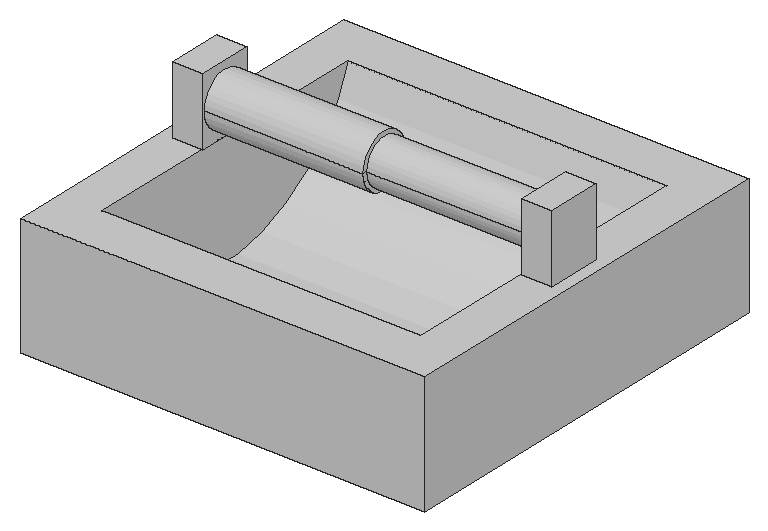
Revit family "ToiletPaperDispenser_Metlam_Single_SurfaceMounted", category Generic Models, host Face, Revit 2013
Parameters (values of type "Metlam Single Surface Mounted - no Hood / Satin")
  Width = 161 mm
  URL = "http://www.metlam.com.au/products/washroom/123"
  StyleOrType_ANZRS = "Sanitary Ware"
  Product Code = "ML 260 SM"
  ModifiedIssue_ANZRS = 130318.01
  Model = "Single Surface Mounted - no Hood / Satin"
  Material Main = Stainless Steel, Satin
  Material Minor = PC/ABS Plastic
  Manufacturer = "Metlam"
  Keywords = "CAPACITY Dispenses one 1500 sheet roll"
  Hood = no
  Height = 161 mm
  FilterObject_ANZRS = "Toilet Paper Dispenser"
  Description = "Stainless Steel Toilet Paper Dispenser"
  Depth = 75 mm
  Default Elevation = 1219.2 mm
  CreatedBy_ANZRS = "RubySketch"
  CreatedByURL_ANZRS = "http://www.rubysketch.com/"
  CreatedByPhoneNo_ANZRS = "1300 844 728"
  Assembly Code = "E1090900"
Types (5, lengths in mm): name | Product Code | Model | Material Main | Hood
  (no name) | "ML 260 SM" | "Single Surface Mounted - no Hood / Satin" | Stainless Steel, Satin | no
  Metlam Single Surface Mounted - no Hood / Satin | "ML 260 SM" | "Single Surface Mounted - no Hood / Satin" | Stainless Steel, Satin | no
  Metlam Single Surface Mounted - no Hood / Bright | "ML 260 SMB" | "Single Surface Mounted - no Hood / Bright" | Stainless Steel, Polished | no
  Metlam Single Surface Mounted - Hood / Satin | "ML 261 SMS" | "Single Surface Mounted - Hood / Satin" | Stainless Steel, Satin | yes
  Metlam Single Surface Mounted - Hood / Bright | "ML 261 SMB" | "Single Surface Mounted - Hood / Bright" | Stainless Steel, Polished | yes
Reference planes
  plane 1 "Center (Front/Back)": y = 0
  plane 2: z = 0
  plane 3 "Center (Left/Right)": x = 0
Forms (mm)
  Extrusion 1, solid, material "Stainless Steel, Satin" <- "Material Main", detail levels fine
    sketch origin (0, 0, 0) x (1, 0, 0) y (0, 1, 0)
      loop
        line (-80.5, -80.5) -> (80.5, -80.5) -> (80.5, 80.5) -> (-80.5, 80.5) -> (-80.5, -80.5)
    from 0 to 48
  Extrusion 2, void
    sketch origin (0, 0, 0) x (0, 1, 0) y (0, 0, 1)
      loop
        circle (0, 67) r 64
    from -63.5 to 63.5
  Extrusion 3, solid, material "Stainless Steel, Satin" <- "Material Main", detail levels fine
    sketch origin (0, 0, 0) x (1, 0, 0) y (0, 1, 0)
      loop
        line (-63.5, -11) -> (-63.5, 11) -> (-75.5, 11) -> (-75.5, -11) -> (-63.5, -11)
      loop
        line (63.5, -11) -> (75.5, -11) -> (75.5, 11) -> (63.5, 11) -> (63.5, -11)
    from 48 to 75 <- "Depth"
  Revolve 4, solid, material "Stainless Steel, Satin" <- "Material Main", detail levels fine
    sketch origin (0, 0, 61.5) x (-1, 0, 0) y (0, -1, 0)
      loop
        line (63.5, 0) -> (-63.5, 0) -> (-63.5, -9) -> (0, -9) -> (0, -10.5) -> (63.5, -10.5) -> (63.5, 0)
      axis (63.5, 0) -> (-63.5, 0)
    angle from 0 to 360
  Extrusion 5, solid, material "Stainless Steel, Satin" <- "Material Main", visible <- "Hood", detail levels fine
    sketch origin (0, 0, 0) x (0, -1, 0) y (0, 0, -1)
      loop
        line (-56.5, -45) -> (-3.5, -78)
        arc (-3.5, -78) -> (12.385, -84.399) -> (29.5, -85) r 49.478
        arc (29.5, -85) -> (43.998, -82.987) -> (58.5, -81) r 8179.705
        line (58.5, -81) -> (58.365, -80.009)
        arc (58.365, -80.009) -> (43.862, -81.996) -> (29.362, -84.01) r 8180.705
        arc (29.362, -84.01) -> (12.593, -83.421) -> (-2.971, -77.151) r 48.478
        line (-2.971, -77.151) -> (-55.971, -44.151) -> (-56.5, -45)
    from 63 to -63
Cuts and joins
  Extrusion 2 cuts Extrusion 1
  joined: Extrusion 3, Revolve 4
Lines and regions (mm)
  Masking region 1
    outline origin (0, 0, 0) x (1, 0, 0) y (0, 0, 1)
      loop
        line (-80.5, 0) -> (80.5, 0) -> (80.5, 48) -> (-80.5, 48) -> (-80.5, 0)
  Masking region 2
    outline origin (0, 0, 0) x (1, 0, 0) y (0, 0, 1)
      loop
        line (-75.5, 48) -> (-63.5, 48) -> (-63.5, 75) -> (-75.5, 75) -> (-75.5, 48)
      loop
        line (63.5, 48) -> (75.5, 48) -> (75.5, 75) -> (63.5, 75) -> (63.5, 48)
  Masking region 3
    outline origin (0, 0, 0) x (1, 0, 0) y (0, 0, 1)
      loop
        line (-63.5, 51) -> (0, 51) -> (0, 72) -> (-63.5, 72) -> (-63.5, 51)
  Masking region 4
    outline origin (0, 0, 0) x (1, 0, 0) y (0, 0, 1)
      loop
        line (0, 52.5) -> (63.5, 52.5) -> (63.5, 70.5) -> (0, 70.5) -> (0, 52.5)
  Masking region 5, visible <- "Hood"
    outline origin (0, 0, 0) x (1, 0, 0) y (0, 0, 1)
      loop
        line (63, 48) -> (63, 85.476) -> (-63, 85.476) -> (-63, 48) -> (63, 48)
Dimensions and locks
  equal spacing: Extrusion 1 sketch curve, plane 1 "Center (Front/Back)", Extrusion 1 sketch curve
  equal spacing: Extrusion 1 sketch curve, plane 3 "Center (Left/Right)", Extrusion 1 sketch curve
  "Height": Extrusion 1 sketch curve to Extrusion 1 sketch curve
  "Width": Extrusion 1 sketch curve to Extrusion 1 sketch curve
  aligned and locked: plane 2 to host face
  aligned and locked: level to host face
  aligned and locked: Masking region 1 sketch curve to cut or joined group of Extrusion 1, Extrusion 2  (x4)
  aligned and locked: Masking region 2 sketch curve to cut or joined group of Extrusion 3, Revolve 4  (x5)
  aligned and locked: cut or joined group of Extrusion 3, Revolve 4 to Masking region 2 sketch curve
  aligned and locked: Masking region 2 sketch curve to cut or joined group of Extrusion 1, Extrusion 2  (x2)
  aligned and locked: Masking region 3 sketch curve to cut or joined group of Extrusion 3, Revolve 4  (x2)
  aligned and locked: Masking region 4 sketch curve to cut or joined group of Extrusion 3, Revolve 4  (x2)
Automatic sketch dimensions
  host sketch curve to host sketch curve = 2438.4 mm  (x2)
  Extrusion 2 sketch curve to plane 1 "Center (Front/Back)" = 0 mm
  level to Extrusion 2 sketch curve = 67 mm
  plane 1 "Center (Front/Back)" to Extrusion 3 sketch curve = 11 mm  (x2)
  Extrusion 3 sketch curve to plane 3 "Center (Left/Right)" = 75.5 mm
  Extrusion 3 sketch curve to Extrusion 3 sketch curve = 12 mm  (x2)
  plane 3 "Center (Left/Right)" to Extrusion 3 sketch curve = 63.5 mm
  Extrusion 3 sketch curve to plane 1 "Center (Front/Back)" = 11 mm  (x2)
  plane 1 "Center (Front/Back)" to Revolve 4 sketch curve = 0 mm  (x2)
  Revolve 4 sketch curve to plane 3 "Center (Left/Right)" = 0 mm
  Revolve 4 sketch curve to plane 1 "Center (Front/Back)" = 10.5 mm
  Revolve 4 sketch curve to plane 1 "Center (Front/Back)" = 9 mm
  plane 3 "Center (Left/Right)" to Revolve 4 sketch curve = 63.5 mm
  Revolve 4 sketch curve to Revolve 4 sketch curve = 63.5 mm
  plane 3 "Center (Left/Right)" to Revolve 4 sketch curve = 11.982 mm
  Revolve 4 sketch curve to Revolve 4 sketch curve = 17.791 mm
  level to Masking region 3 sketch curve = 51 mm
  Masking region 3 sketch curve to Masking region 3 sketch curve = 21 mm
  level to Masking region 4 sketch curve = 52.5 mm
  Masking region 4 sketch curve to Masking region 4 sketch curve = 18 mm
  Extrusion 5 sketch curve to Extrusion 5 sketch curve = 0 mm  (x6)
  plane 1 "Center (Front/Back)" to Extrusion 5 sketch curve = 56.5 mm
  Extrusion 5 sketch curve to level = 44.151 mm
  Extrusion 5 sketch curve to Extrusion 5 sketch curve = 0.529 mm  (x2)
  plane 1 "Center (Front/Back)" to Extrusion 5 sketch curve = 3.5 mm
  Extrusion 5 sketch curve to plane 1 "Center (Front/Back)" = 58.365 mm
  Extrusion 5 sketch curve to Extrusion 5 sketch curve = 0.135 mm
  Extrusion 5 sketch curve to plane 1 "Center (Front/Back)" = 22.652 mm
  Extrusion 5 sketch curve to Extrusion 5 sketch curve = 29.004 mm
  Extrusion 5 sketch curve to Extrusion 5 sketch curve = 0.138 mm
  Extrusion 5 sketch curve to plane 1 "Center (Front/Back)" = 1161.652 mm
  Extrusion 5 sketch curve to Extrusion 5 sketch curve = 0.849 mm
  Masking region 5 sketch curve to plane 3 "Center (Left/Right)" = 63 mm
  level to Masking region 5 sketch curve = 48 mm
  plane 3 "Center (Left/Right)" to Masking region 5 sketch curve = 63 mm
  Masking region 5 sketch curve to Masking region 5 sketch curve = 37.476 mm
  radius of Extrusion 2 sketch curve = 64 mm
